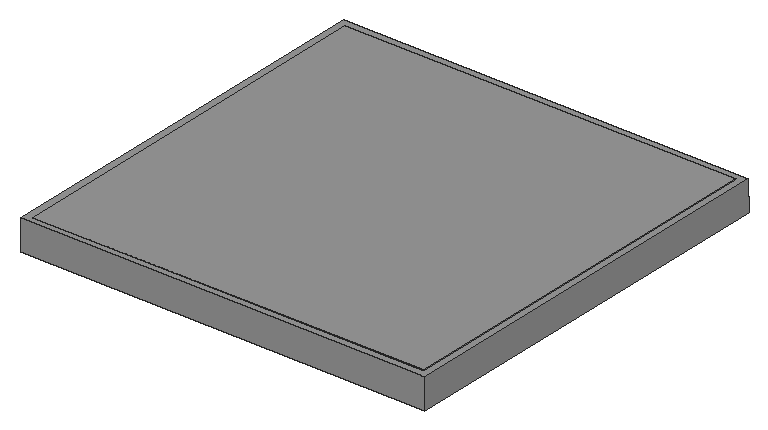
Revit family "ДВО-02 40 Вт 595", category Осветительные приборы, Revit 2019
Family settings
  Основа = Потолок
  Размер круглого соединителя = Использовать диаметр
  Тип детали = Нормальный
  Номер OmniClass = 23.80.70.11
  Заголовок OmniClass = Luminaries for Internal Lighting
  Всегда вертикально = Да
  При загрузке вырезать с полостями = Нет
  Источник света = Да
  Общий = Нет
  Точка расчета площади = Нет
Parameters (values of type "ДВО-02-О-40-5К-IP40-Армстронг")
  Эффективность светильника = "120"
  Частота сети = "50 / 60 Гц"
  Цвет корпуса = "Белый"
  Файл фотометрической сетки = "INNOLUX 14 792 DVO-02-O-40-5K-IP40.ies"
  Угол наклона = 90.00°
  Типоразмер светодиода = "2835"
  Тип рассеивателя = "опал"
  Тип кривой силы света по ГОСТ 54350-2011 = "Д"
  Степень защиты (IP) = "40"
  Срок службы = "80000"
  Способ монтажа = "Встраиваемый / Накладной"
  Сила тока = "0.18 А"
  Световой поток модуля = "628"
  Пусковой ток = "26 А"
  Потребляемый ток = "0"
  Полная установленная мощность = 40 VA
  Объём упаковки = "0.22*0.61*0.61 м"
  built-in parameter 1150142 = "IESNA:LM-63-1995\r\n[DATA] 29.03.2021\r\n[MANUFAC] INNOLUX\r\n[LUMCAT] 14 792\r\n[LUMINAIRE] DVO-02-O-40-5Ê-IP40\r\n[LAMP] LED 40W 5000K\r\nTILT=NONE\r\n1 5020 5.02 91 1 1 2\r\n0.595 0.595 0.055\r\n1 1 40.0\r\n0 1 2 3 4 5 6 7 8 9 10 11 12 13 14 15 16 17 18 19 20 21 22 23 24 25 26 27 28 29 30 31 32 33 34 35 36 37 38 39 40 41 42 43 44 45 46 47 48 49 50 51 52 53 54 55 56 57 58 59 60 61 62 63 64 65 66 67 68 69 70 71 72 73 74 75 76 77 78 79 80 81 82 83 84 85 86 87 88 89 90 \r\n0\r\n354.9 354.8 354.6 354.3 353.9 353.3 352.5 351.7 350.7 349.5 348.3 346.9 345.3 343.6 341.9 339.9 337.9 335.7 333.4 331 328.5 325.9 323.1 320.3 317.3 314.2 311.1 307.8 304.4 300.9 297.3 293.7 289.9 286.1 282.1 278.1 274 269.8 265.5 261.1 256.7 252.2 247.6 243 238.2 233.4 228.6 223.7 218.7 213.6 208.5 203.4 198.1 192.8 187.5 182.2 176.7 171.2 165.6 160 154.3 148.6 142.8 136.9 131.1 125.2 119.3 113.3 107.3 101.3 95.3 89.3 83.2 77.2 71.2 65.2 59.3 53.4 47.7 42.1 36.6 31.3 26.2 21.4 17 13 9.4 6.4 4.1 0 0"
  Напряжение = "176-264 В"
  Wattage = 32.3141 W
  built-in parameter 1150110 = 1 (stored number, unit not read)
  built-in parameter 1114217 = 0.8 (stored number, unit not read)
  built-in parameter 1150109 = 1 (stored number, unit not read)
  built-in parameter 1150134 = 2
  built-in parameter 1150113 = 1 (stored number, unit not read)
  Lumens = 4800 lm
  built-in parameter 1150115 = 1 (stored number, unit not read)
  built-in parameter 1150105 = 381.97 (stored number, unit not read)
  built-in parameter 1150137 = (empty or 0)
  Материал рассеивателя = Полистирол
  Материал корпуса = Металл, окрашенный, белый, матовый
  Коэффициент пульсации = "<5%"
  built-in parameter 1150139 = (empty or 0)
  built-in parameter 1150112 = 1 (stored number, unit not read)
  built-in parameter 1150114 = 1 (stored number, unit not read)
  built-in parameter 1150132 = 2
  Коэффициент мощности = ">0.95\r\n>0.95\r\n>0.95"
  Количество модулей = "10"
  Количество в упаковке = "4"
  Кол-во светодиодов = "180"
  Климатическое исполнение = "УХЛ 4"
  Класс светораспределения по ГОСТ 54350-2011 = "П"
  Класс защиты от поражения током = "I"
  Категория по ограничению яркости = "1"
  built-in parameter 1150102 = (empty or 0)
  built-in parameter 1150138 = (empty or 0)
  built-in parameter 1150107 = 5000 (stored number, unit not read)
  built-in parameter 1150106 = 3.8197 (stored number, unit not read)
  built-in parameter 1150104 = 13.8 (stored number, unit not read)
  Dimming Lamp Color Temperature Shift = (empty or 0)
  Color Filter = 16777215
  built-in parameter 1114218 = 1 (stored number, unit not read)
  built-in parameter 1150133 = 10 (stored number, unit not read)
  Индекс цветопередачи = ">80"
  Изготовитель = "INNOLUX"
  Диммирование = "нет"
  Диапазон рабочих температур = "-20 + 40°C"
  Гарантия = "7 лет"
  Габаритная яркость = "<5000 кд / м2"
  Время импульса пускового тока = "200 мс"
  Вес светильника = "2.9 кг"
  Бренд светодиодов = "EDISON"
  Блок аварийного питания = "нет"
  Артикул = "14792"
  URL = "http://innolux.pro/katalog/administrativno-ofisnoe-osveshhenie/dvo-02-40-vt-595/14792.html"
  ADSK_Размер_Ширина = 595 mm
  ADSK_Размер_Длина = 595 mm
  ADSK_Размер_Высота = 45 mm
Types (3, lengths in mm): name | Файл фотометрической сетки | built-in parameter 1150142 | built-in parameter 1150134 | built-in parameter 1150107 | Диапазон рабочих температур | Артикул | URL
  ДВО-02-О-40-3К-IP40-Армстронг | "INNOLUX 14 790 DVO-02-O-40-3K-IP40.ies" | "IESNA:LM-63-1995\r\n[DATA] 29.03.2021\r\n[MANUFAC] INNOLUX\r\n[LUMCAT] 14 790\r\n[LUMINAIRE] DVO-02-O-40-3Ê-IP40\r\n[LAMP] LED 40W 3000K\r\nTILT=NONE\r\n1 5020 5.02 91 1 1 2\r\n0.595 0.595 0.055\r\n1 1 40.0\r\n0 1 2 3 4 5 6 7 8 9 10 11 12 13 14 15 16 17 18 19 20 21 22 23 24 25 26 27 28 29 30 31 32 33 34 35 36 37 38 39 40 41 42 43 44 45 46 47 48 49 50 51 52 53 54 55 56 57 58 59 60 61 62 63 64 65 66 67 68 69 70 71 72 73 74 75 76 77 78 79 80 81 82 83 84 85 86 87 88 89 90 \r\n0\r\n354.9 354.8 354.6 354.3 353.9 353.3 352.5 351.7 350.7 349.5 348.3 346.9 345.3 343.6 341.9 339.9 337.9 335.7 333.4 331 328.5 325.9 323.1 320.3 317.3 314.2 311.1 307.8 304.4 300.9 297.3 293.7 289.9 286.1 282.1 278.1 274 269.8 265.5 261.1 256.7 252.2 247.6 243 238.2 233.4 228.6 223.7 218.7 213.6 208.5 203.4 198.1 192.8 187.5 182.2 176.7 171.2 165.6 160 154.3 148.6 142.8 136.9 131.1 125.2 119.3 113.3 107.3 101.3 95.3 89.3 83.2 77.2 71.2 65.2 59.3 53.4 47.7 42.1 36.6 31.3 26.2 21.4 17 13 9.4 6.4 4.1 0 0" | (empty or 0) | 3000 (stored number, unit not read) | "- 20 + 40°C" | "14790" | "http://innolux.pro/katalog/administrativno-ofisnoe-osveshhenie/dvo-02-40-vt-595/14790.html"
  ДВО-02-О-40-4К-IP40-Армстронг | "INNOLUX 14 791 DVO-02-O-40-4K-IP40.ies" | "IESNA:LM-63-1995\r\n[DATA] 29.03.2021\r\n[MANUFAC] INNOLUX\r\n[LUMCAT] 14 791\r\n[LUMINAIRE] DVO-02-O-40-4Ê-IP40\r\n[LAMP] LED 40W 4000K\r\nTILT=NONE\r\n1 5020 5.02 91 1 1 2\r\n0.595 0.595 0.055\r\n1 1 40.0\r\n0 1 2 3 4 5 6 7 8 9 10 11 12 13 14 15 16 17 18 19 20 21 22 23 24 25 26 27 28 29 30 31 32 33 34 35 36 37 38 39 40 41 42 43 44 45 46 47 48 49 50 51 52 53 54 55 56 57 58 59 60 61 62 63 64 65 66 67 68 69 70 71 72 73 74 75 76 77 78 79 80 81 82 83 84 85 86 87 88 89 90 \r\n0\r\n354.9 354.8 354.6 354.3 353.9 353.3 352.5 351.7 350.7 349.5 348.3 346.9 345.3 343.6 341.9 339.9 337.9 335.7 333.4 331 328.5 325.9 323.1 320.3 317.3 314.2 311.1 307.8 304.4 300.9 297.3 293.7 289.9 286.1 282.1 278.1 274 269.8 265.5 261.1 256.7 252.2 247.6 243 238.2 233.4 228.6 223.7 218.7 213.6 208.5 203.4 198.1 192.8 187.5 182.2 176.7 171.2 165.6 160 154.3 148.6 142.8 136.9 131.1 125.2 119.3 113.3 107.3 101.3 95.3 89.3 83.2 77.2 71.2 65.2 59.3 53.4 47.7 42.1 36.6 31.3 26.2 21.4 17 13 9.4 6.4 4.1 0 0" | 12 | 4000 (stored number, unit not read) | "- 20 + 40°C" | "14791" | "http://innolux.pro/katalog/administrativno-ofisnoe-osveshhenie/dvo-02-40-vt-595/14791.html"
  ДВО-02-О-40-5К-IP40-Армстронг | "INNOLUX 14 792 DVO-02-O-40-5K-IP40.ies" | "IESNA:LM-63-1995\r\n[DATA] 29.03.2021\r\n[MANUFAC] INNOLUX\r\n[LUMCAT] 14 792\r\n[LUMINAIRE] DVO-02-O-40-5Ê-IP40\r\n[LAMP] LED 40W 5000K\r\nTILT=NONE\r\n1 5020 5.02 91 1 1 2\r\n0.595 0.595 0.055\r\n1 1 40.0\r\n0 1 2 3 4 5 6 7 8 9 10 11 12 13 14 15 16 17 18 19 20 21 22 23 24 25 26 27 28 29 30 31 32 33 34 35 36 37 38 39 40 41 42 43 44 45 46 47 48 49 50 51 52 53 54 55 56 57 58 59 60 61 62 63 64 65 66 67 68 69 70 71 72 73 74 75 76 77 78 79 80 81 82 83 84 85 86 87 88 89 90 \r\n0\r\n354.9 354.8 354.6 354.3 353.9 353.3 352.5 351.7 350.7 349.5 348.3 346.9 345.3 343.6 341.9 339.9 337.9 335.7 333.4 331 328.5 325.9 323.1 320.3 317.3 314.2 311.1 307.8 304.4 300.9 297.3 293.7 289.9 286.1 282.1 278.1 274 269.8 265.5 261.1 256.7 252.2 247.6 243 238.2 233.4 228.6 223.7 218.7 213.6 208.5 203.4 198.1 192.8 187.5 182.2 176.7 171.2 165.6 160 154.3 148.6 142.8 136.9 131.1 125.2 119.3 113.3 107.3 101.3 95.3 89.3 83.2 77.2 71.2 65.2 59.3 53.4 47.7 42.1 36.6 31.3 26.2 21.4 17 13 9.4 6.4 4.1 0 0" | 2 | 5000 (stored number, unit not read) | "-20 + 40°C" | "14792" | "http://innolux.pro/katalog/administrativno-ofisnoe-osveshhenie/dvo-02-40-vt-595/14792.html"
Reference planes
  plane 1 "Ось источника света (В/Н)": y = 0
  plane 2: z = 0
  plane 3 "Ось источника света (Л/П)": x = 0
  plane 4 "Потолок": z = 4000
  plane 5 "Отметка источника света 1": z = 3955
  plane 6: x = -297.5
  plane 7: x = 297.5
  plane 8: y = 297.5
  plane 9: y = -297.5
Forms (mm)
  Extrusion 1, solid, material "Металл, окрашенный, белый, матовый" <- "Материал корпуса"
    sketch origin (0, 0, 3955) x (-1, 0, 0) y (0, -1, 0)
      loop
        line (297.5, -297.5) -> (297.5, 297.5) -> (-297.5, 297.5) -> (-297.5, -297.5) -> (297.5, -297.5)
    from 0 to 45
  Extrusion 2, void
    sketch origin (0, 0, 3955) x (-1, 0, 0) y (0, -1, 0)
      loop
        line (286.893, -286.893) -> (286.893, 286.893) -> (-286.893, 286.893) -> (-286.893, -286.893) -> (286.893, -286.893)
    from 0 to 27.018
  Extrusion 3, solid, material "Полистирол" <- "Материал рассеивателя"
    sketch origin (0, 0, 3955) x (-1, 0, 0) y (0, -1, 0)
      loop
        line (286.893, -286.893) -> (286.893, 286.893) -> (-286.893, 286.893) -> (-286.893, -286.893) -> (286.893, -286.893)
    from 9.146 to 45
Cuts and joins
  Extrusion 2 cuts Extrusion 1
Dimensions and locks
  equal spacing: host sketch curve, plane 3 "Ось источника света (Л/П)", host sketch curve
  equal spacing: host sketch curve, plane 1 "Ось источника света (В/Н)", host sketch curve
  host sketch curve to host sketch curve = 4000 mm  (x2)
  plane 4 "Потолок" to host ceiling = 0 mm
  equal spacing: plane 6, plane 3 "Ось источника света (Л/П)", plane 7
  equal spacing: plane 8, plane 1 "Ось источника света (В/Н)", plane 9
  "ADSK_Размер_Длина": plane 6 to plane 7
  "ADSK_Размер_Ширина": plane 8 to plane 9
  "ADSK_Размер_Высота": plane 5 "Отметка источника света 1" to plane 4 "Потолок"
  aligned and locked: plane 3 "Ось источника света (Л/П)" to imposter light
  aligned and locked: plane 1 "Ось источника света (В/Н)" to imposter light
  aligned and locked: plane 5 "Отметка источника света 1" to imposter light
  aligned and locked: plane 5 "Отметка источника света 1" to Extrusion 1
  aligned and locked: Extrusion 3 to cut or joined group of Extrusion 1, Extrusion 2
  aligned and locked: cut or joined group of Extrusion 1, Extrusion 2 to Extrusion 3  (x2)
  aligned and locked: host ceiling to Extrusion 3
  aligned and locked: host ceiling to Extrusion 1
  aligned and locked: Extrusion 1 to plane 6
  aligned and locked: plane 7 to Extrusion 1
  aligned and locked: Extrusion 1 to imposter light
  aligned and locked: Extrusion 1 to plane 4 "Потолок"
  aligned and locked: Extrusion 1 to Extrusion 3
  aligned and locked: Extrusion 3 to plane 4 "Потолок"
Automatic sketch dimensions
  Extrusion 1 sketch curve to plane 7 = 0 mm
  Extrusion 1 sketch curve to plane 6 = 0 mm
  Extrusion 1 sketch curve to plane 8 = 0 mm
  Extrusion 1 sketch curve to plane 9 = 0 mm
  Extrusion 2 sketch curve to plane 7 = 10.607 mm
  plane 6 to Extrusion 2 sketch curve = 10.607 mm
  Extrusion 2 sketch curve to plane 8 = 10.607 mm
  plane 9 to Extrusion 2 sketch curve = 10.607 mm
  Extrusion 3 sketch curve to plane 7 = 10.607 mm
  plane 6 to Extrusion 3 sketch curve = 10.607 mm
  Extrusion 3 sketch curve to plane 8 = 10.607 mm
  plane 9 to Extrusion 3 sketch curve = 10.607 mm
Connectors
  electrical at (0, 0, 4000)
    settings: on cut or joined group of Extrusion 1, Extrusion 2, index 1, voltage 0 V, apparent load 0 VA, apparent load phase1 0 VA, apparent load phase2 0 VA, apparent load phase3 0 VA, power factor 1, load classification "Прочее", number of poles 1, system type 31, power factor state 1, is connector primary yes, connector utility no, sub classification motor no, connector description ""
